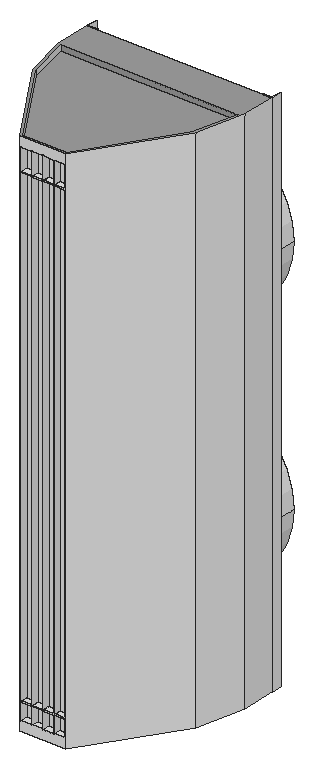
Revit family "Guard Pro 150W", category Wyposażenie mechaniczne, Revit 2018
Family settings
  Wymiar okrągłego złącza = Użyj średnicy
  Klasyfikacja = Brak
  Typ części = Normalny
  Oparty na płaszczyźnie roboczej = Nie
  Zawsze pionowo = Tak
  Tnij formami wycięć po wczytaniu = Nie
  Współdzielony = Nie
  Punkt obliczania pomieszczeń = Nie
Parameters (values of type "Guard Pro 150W")
  температура теплоносителя питание [instance] = 90 °C
  температура теплоносителя возвращение [instance] = 70 °C
  материал = Powder lak coated Steel
  масса оборудования с водой = 46.00 kg
  максимальная температура среды = 90 °C
  двигатель потребление тока = 2.4 A
  Температура воздуха на выходе [instance] = 90 °C
  Температура воздуха на входе [instance] = 70 °C
  Скорость воздушного потока [instance] = 0.0 m/s
  Расход воды [instance] = 0.0 L/s
  Номинальная тепловая мощность [instance] = 33000 W
  Напряжение питания = 230 V
  Мощность электродвигателя = 500 W
  Масса оборудования = 44.00 kg
  Максимальный расход воздуха = 6500 m³/h
  Максимальное рабочее давление = 1.6 MPa
  Максимальная высота двери = 8 mm
  Количество рядов нагревателя = "2"
  Класс защиты = "IP54"
  Длина завесы = 1500 mm
  Диаметры патрубков = 19.1 mm
  Гидравлическое сопротивление [instance] = 0.0 Pa
  Opis = "Промышленная воздушно-тепловая завеса"
  Fan3 = no
  высота вентилятора 2 = 1088 mm
  высота вентилятора 1 = 412 mm
  Producent = "SONNIGER Polska Sp. z o.o. Sp. k."
  Model = "Guard Pro 150W"
  Autor = "www.archispace.pl"
Reference planes
  plane 1 "Środek (Przód/Tył)": y = 0
  plane 2: z = 0
  plane 3 "Środek (Lewa/Prawa)": x = 0
  plane 4 "wysokość": z = 1500
Forms (mm)
  Extrusion 1, solid, material "Powder lak coated Steel" <- "материал"
    sketch origin (0, 0, 0) x (1, 0, 0) y (0, 1, 0)
      loop
        line (-260, 0) -> (-260, -98) -> (-228.987, -228) -> (-64, -480) -> (64, -480) -> (228.987, -228) -> (260.988, -93.861) -> (260.988, 0) -> (-260, 0)
    from 0 to 1500
  Extrusion 2, void, detail levels fine
    sketch origin (-64, -480, 0) x (-1, 0, 0) y (0, 0, 1)
      loop
        line (-31.536, 1410.02) -> (-31.536, 75.02) -> (-1.411, 75.02) -> (-1.411, 1410.02) -> (-31.536, 1410.02)
      loop
        line (-33.036, 1410.02) -> (-63.161, 1410.02) -> (-63.161, 75.02) -> (-33.036, 75.02) -> (-33.036, 1410.02)
      loop
        line (-64.661, 75.02) -> (-64.661, 1410.02) -> (-94.786, 1410.02) -> (-94.786, 75.02) -> (-64.661, 75.02)
      loop
        line (-96.411, 1410.02) -> (-126.411, 1410.02) -> (-126.411, 75.02) -> (-96.411, 75.02) -> (-96.411, 1410.02)
      loop
        line (-96.411, 1411.52) -> (-96.411, 1474.42) -> (-126.411, 1474.42) -> (-126.411, 1411.52) -> (-96.411, 1411.52)
      loop
        line (-94.786, 1411.52) -> (-64.661, 1411.52) -> (-64.661, 1474.42) -> (-94.786, 1474.42) -> (-94.786, 1411.52)
      loop
        line (-63.161, 1411.52) -> (-33.036, 1411.52) -> (-33.036, 1474.42) -> (-63.161, 1474.42) -> (-63.161, 1411.52)
      loop
        line (-31.536, 1411.52) -> (-1.411, 1411.52) -> (-1.411, 1474.42) -> (-31.536, 1474.42) -> (-31.536, 1411.52)
      loop
        line (-1.411, 25.62) -> (-1.411, 73.52) -> (-31.536, 73.52) -> (-31.536, 25.62) -> (-1.411, 25.62)
      loop
        line (-33.036, 73.52) -> (-63.161, 73.52) -> (-63.161, 25.62) -> (-33.036, 25.62) -> (-33.036, 73.52)
      loop
        line (-64.661, 73.52) -> (-94.786, 73.52) -> (-94.786, 25.62) -> (-64.661, 25.62) -> (-64.661, 73.52)
      loop
        line (-96.286, 73.52) -> (-126.411, 73.52) -> (-126.411, 25.62) -> (-96.286, 25.62) -> (-96.286, 73.52)
    from 0 to 20
  Extrusion 3, solid, material "Powder lak coated Steel" <- "материал"
    sketch origin (-1359.541, 0, 0) x (1, 0, 0) y (0, 0, -1)
      loop
        circle (1360.528, -412) r 242
    from 0 to 98
  Extrusion 4, solid, material "Powder lak coated Steel" <- "материал"
    sketch origin (-1359.541, 0, 676) x (1, 0, 0) y (0, 0, -1)
      loop
        circle (1360.528, -412) r 242
    from 0 to 98
  Extrusion 5, solid, material "Powder lak coated Steel" <- "материал", detail levels coarse
    sketch origin (-1359.541, 98, 676) x (1, 0, 0) y (0, 0, -1)
      loop
        circle (1358.702, -412) r 40.77
    from 0 to 28.5
  Extrusion 6, solid, material "Powder lak coated Steel" <- "материал", detail levels coarse
    sketch origin (-1359.541, 98, 0) x (1, 0, 0) y (0, 0, -1)
      loop
        circle (1359.541, -412) r 41.364
    from 0 to 28.5
  Extrusion 7, solid
    sketch origin (-1359.541, 0, 0) x (1, 0, 0) y (0, 0, -1)
      loop
        circle (1570.528, -1455) r 9.55
      loop
        circle (1515.528, -1455) r 9.55
    from 0 to 37.4
  Extrusion 8, solid, material "Powder lak coated Steel" <- "материал", detail levels medium+fine
    sketch origin (0, 0, 0) x (1, 0, 0) y (0, 1, 0)
      loop
        line (-257.512, 2.502) -> (-257.512, 30) -> (-259.012, 30) -> (-259.012, 2.5)
        arc (-259.012, 2.5) -> (-258.28, 0.732) -> (-256.512, 0) r 2.5
        line (-256.512, 0) -> (-231.985, 0) -> (-231.985, 1.5) -> (-256.512, 1.5)
        arc (-256.512, 1.5) -> (-257.22, 1.795) -> (-257.512, 2.502) r 1
      loop
        line (259.488, 30) -> (259.488, 2.5)
        arc (259.488, 2.5) -> (259.195, 1.793) -> (258.488, 1.5) r 1
        line (258.488, 1.5) -> (233.988, 1.5) -> (233.988, 0) -> (258.488, 0)
        arc (258.488, 0) -> (260.255, 0.735) -> (260.988, 2.503) r 2.5
        line (260.988, 2.503) -> (260.988, 30) -> (259.488, 30)
    from 0 to 1500
  Extrusion 9, void, detail levels medium+fine
    sketch origin (0, 0, 0) x (1, 0, 0) y (0, 1, 0)
      loop
        line (60.875, -473.318) -> (221.487, -228) -> (250.687, -105.6) -> (-250.687, -105.6) -> (-221.487, -228) -> (-60.875, -473.318) -> (60.875, -473.318)
    from 1485.666 to 2433.194
  Extrusion 10, void, detail levels medium+fine
    sketch origin (0, 0, 0) x (1, 0, 0) y (0, 1, 0)
      loop
        line (-221.487, -228) -> (-60.875, -473.318) -> (60.875, -473.318) -> (221.487, -228) -> (250.687, -105.6) -> (-250.687, -105.6) -> (-221.487, -228)
    from -69.313 to 11.43
  Extrusion 11, solid, detail levels medium+fine
    sketch origin (-1359.541, 98, 676) x (1, 0, 0) y (0, 0, -1)
      loop
        line (1345.504, 225.295) -> (1372.553, 225.295)
        arc (1372.553, 225.295) -> (1388.02, 235.009) -> (1397.733, 250.475) r 41
        line (1397.733, 250.475) -> (1397.733, 277.525)
        arc (1397.733, 277.525) -> (1388.02, 292.991) -> (1372.553, 302.705) r 41
        line (1372.553, 302.705) -> (1345.504, 302.705)
        arc (1345.504, 302.705) -> (1330.037, 292.991) -> (1320.323, 277.525) r 41
        line (1320.323, 277.525) -> (1320.323, 250.475)
        arc (1320.323, 250.475) -> (1330.037, 235.009) -> (1345.504, 225.295) r 41
    from 0 to 28.5
  Extrusion 12, solid, detail levels medium+fine
    sketch origin (-1359.541, 98, 1352.306) x (1, 0, 0) y (0, 0, -1)
      loop
        line (1345.504, 225.601) -> (1372.553, 225.601)
        arc (1372.553, 225.601) -> (1388.02, 235.314) -> (1397.733, 250.781) r 41
        line (1397.733, 250.781) -> (1397.733, 277.83)
        arc (1397.733, 277.83) -> (1388.02, 293.297) -> (1372.553, 303.011) r 41
        line (1372.553, 303.011) -> (1345.504, 303.011)
        arc (1345.504, 303.011) -> (1330.037, 293.297) -> (1320.323, 277.83) r 41
        line (1320.323, 277.83) -> (1320.323, 250.781)
        arc (1320.323, 250.781) -> (1330.037, 235.314) -> (1345.504, 225.601) r 41
    from 0 to 28.5
Cuts and joins
  Extrusion 2, Extrusion 9, Extrusion 10 cuts Extrusion 1
Lines and regions (mm)
  Split face 1
    outline origin (228.987, -228, 1500) x (0, 0, -1) y (0.23205, 0.972704, 0)
      loop
        line (32.508, 13.225) -> (268.508, 13.225) -> (268.508, 75.225) -> (32.508, 75.225) -> (32.508, 13.225)
Dimensions and locks
  "Длина завесы": plane 4 "wysokość" to level
  "высота вентилятора 1": cut or joined group of Extrusion 1, Extrusion 2, Extrusion 9, Extrusion 10 to Extrusion 3 sketch curve
  "высота вентилятора 2": cut or joined group of Extrusion 1, Extrusion 2, Extrusion 9, Extrusion 10 to Extrusion 4 sketch curve
  "высота вентилятора 2": level to Extrusion 5 sketch curve
  "высота вентилятора 1": cut or joined group of Extrusion 1, Extrusion 2, Extrusion 9, Extrusion 10 to Extrusion 6 sketch curve
  locked: Extrusion 7 sketch curve to plane 4 "wysokość" at 45
  locked: cut or joined group of Extrusion 1, Extrusion 2, Extrusion 9, Extrusion 10 to Extrusion 7 sketch curve at 50
  locked: Extrusion 7 sketch curve to Extrusion 7 sketch curve at 55
  locked: cut or joined group of Extrusion 1, Extrusion 2, Extrusion 9, Extrusion 10 to plane 4 "wysokość" at 14.334
  "высота вентилятора 1": level to Extrusion 11 sketch curve
  "высота вентилятора 2": level to Extrusion 12 sketch curve
  locked: cut or joined group of Extrusion 1, Extrusion 2, Extrusion 9, Extrusion 10 to Split face 1 at 32.508
  aligned and locked: level to plane 2
  aligned and locked: plane 4 "wysokość" to Extrusion 1
  aligned and locked: Extrusion 6 to Extrusion 3
  aligned and locked: Extrusion 6 to Extrusion 5
  aligned and locked: plane 4 "wysokość" to Extrusion 8
  aligned and locked: Extrusion 11 to Extrusion 3
Automatic sketch dimensions
  plane 1 "Środek (Przód/Tył)" to Extrusion 1 sketch curve = 0 mm
  plane 1 "Środek (Przód/Tył)" to Extrusion 1 sketch curve = 98 mm
  Extrusion 1 sketch curve to plane 3 "Środek (Lewa/Prawa)" = 260 mm
  Extrusion 1 sketch curve to Extrusion 1 sketch curve = 31.013 mm
  Extrusion 1 sketch curve to plane 3 "Środek (Lewa/Prawa)" = 64 mm
  plane 3 "Środek (Lewa/Prawa)" to Extrusion 1 sketch curve = 64 mm
  plane 3 "Środek (Lewa/Prawa)" to Extrusion 1 sketch curve = 228.987 mm
  Extrusion 1 sketch curve to Extrusion 1 sketch curve = 32.001 mm
  Extrusion 1 sketch curve to Extrusion 1 sketch curve = 130 mm
  plane 1 "Środek (Przód/Tył)" to Extrusion 1 sketch curve = 228 mm
  Extrusion 1 sketch curve to Extrusion 1 sketch curve = 252 mm
  Extrusion 1 sketch curve to Extrusion 1 sketch curve = 93.861 mm
  Extrusion 1 to Extrusion 2 sketch curve = 1.589 mm  (x3)
  Extrusion 2 sketch curve to Extrusion 2 sketch curve = 30 mm
  Extrusion 2 sketch curve to Extrusion 2 sketch curve = 0 mm  (x13)
  Extrusion 2 sketch curve to Extrusion 2 sketch curve = 0.125 mm
  Extrusion 2 sketch curve to Extrusion 2 sketch curve = 1.625 mm  (x2)
  Extrusion 2 sketch curve to Extrusion 2 sketch curve = 1.5 mm  (x14)
  Extrusion 2 sketch curve to Extrusion 2 sketch curve = 30.125 mm  (x3)
  Extrusion 2 sketch curve to Extrusion 1 = 1.411 mm  (x3)
  Extrusion 2 sketch curve to Extrusion 1 = 25.62 mm  (x2)
  Extrusion 2 sketch curve to Extrusion 2 sketch curve = 47.9 mm
  Extrusion 2 sketch curve to Extrusion 1 = 89.98 mm  (x2)
  Extrusion 2 sketch curve to Extrusion 1 = 25.58 mm  (x3)
  Extrusion 1 to Extrusion 7 sketch curve = 45 mm
  plane 1 "Środek (Przód/Tył)" to Extrusion 8 sketch curve = 0 mm  (x2)
  Extrusion 8 sketch curve to plane 1 "Środek (Przód/Tył)" = 30 mm
  Extrusion 8 sketch curve to plane 3 "Środek (Lewa/Prawa)" = 259.012 mm
  Extrusion 8 sketch curve to Extrusion 8 sketch curve = 1.5 mm  (x3)
  Extrusion 8 sketch curve to Extrusion 8 sketch curve = 1 mm  (x3)
  Extrusion 8 sketch curve to Extrusion 8 sketch curve = 0 mm  (x10)
  Extrusion 8 sketch curve to plane 1 "Środek (Przód/Tył)" = 1.5 mm
  Extrusion 8 sketch curve to Extrusion 8 sketch curve = 24.528 mm
  plane 3 "Środek (Lewa/Prawa)" to Extrusion 8 sketch curve = 233.988 mm
  Extrusion 8 sketch curve to plane 1 "Środek (Przód/Tył)" = 2.503 mm
  Extrusion 8 sketch curve to Extrusion 8 sketch curve = 24.5 mm
  Extrusion 8 sketch curve to Extrusion 8 sketch curve = 0.003 mm
  Extrusion 8 sketch curve to Extrusion 8 sketch curve = 0.002 mm
  Extrusion 8 sketch curve to Extrusion 8 sketch curve = 27.5 mm
  plane 1 "Środek (Przód/Tył)" to Extrusion 9 sketch curve = 105.6 mm
  Extrusion 9 sketch curve to plane 3 "Środek (Lewa/Prawa)" = 250.687 mm
  Extrusion 9 sketch curve to Extrusion 9 sketch curve = 29.2 mm  (x2)
  Extrusion 9 sketch curve to plane 3 "Środek (Lewa/Prawa)" = 60.875 mm
  plane 3 "Środek (Lewa/Prawa)" to Extrusion 9 sketch curve = 60.875 mm
  plane 3 "Środek (Lewa/Prawa)" to Extrusion 9 sketch curve = 221.487 mm
  Extrusion 9 sketch curve to Extrusion 9 sketch curve = 122.4 mm  (x2)
  Extrusion 9 sketch curve to Extrusion 9 sketch curve = 245.318 mm
  plane 1 "Środek (Przód/Tył)" to Extrusion 10 sketch curve = 105.6 mm
  Extrusion 10 sketch curve to plane 3 "Środek (Lewa/Prawa)" = 250.687 mm
  Extrusion 10 sketch curve to Extrusion 10 sketch curve = 29.2 mm  (x2)
  Extrusion 10 sketch curve to plane 3 "Środek (Lewa/Prawa)" = 60.875 mm
  plane 3 "Środek (Lewa/Prawa)" to Extrusion 10 sketch curve = 60.875 mm
  plane 3 "Środek (Lewa/Prawa)" to Extrusion 10 sketch curve = 221.487 mm
  Extrusion 10 sketch curve to Extrusion 10 sketch curve = 122.4 mm  (x2)
  Extrusion 10 sketch curve to Extrusion 10 sketch curve = 245.318 mm
  Split face 1 sketch curve to cut or joined group of Extrusion 1, Extrusion 2, Extrusion 9, Extrusion 10 = 32.508 mm
  Split face 1 sketch curve to cut or joined group of Extrusion 1, Extrusion 2, Extrusion 9, Extrusion 10 = 62.679 mm
  Split face 1 sketch curve to Split face 1 sketch curve = 236 mm
  cut or joined group of Extrusion 1, Extrusion 2, Extrusion 9, Extrusion 10 to Split face 1 sketch curve = 13.225 mm
  Extrusion 3 sketch curve to Extrusion 1 = 260 mm
  Extrusion 4 sketch curve to Extrusion 1 = 260 mm
  Extrusion 11 sketch curve to Extrusion 11 sketch curve = 0 mm  (x6)
  Extrusion 11 sketch curve to plane 3 "Środek (Lewa/Prawa)" = 39.218 mm
  Extrusion 11 sketch curve to plane 3 "Środek (Lewa/Prawa)" = 14.037 mm  (x2)
  Extrusion 11 sketch curve to plane 3 "Środek (Lewa/Prawa)" = 0.512 mm
  plane 3 "Środek (Lewa/Prawa)" to Extrusion 11 sketch curve = 13.012 mm  (x2)
  Extrusion 11 sketch curve to Extrusion 11 sketch curve = 25.18 mm
  Extrusion 11 sketch curve to Extrusion 11 sketch curve = 13.525 mm
  Extrusion 11 sketch curve to Extrusion 11 sketch curve = 27.049 mm
  Extrusion 12 sketch curve to Extrusion 12 sketch curve = 0 mm  (x6)
  Extrusion 12 sketch curve to plane 3 "Środek (Lewa/Prawa)" = 39.218 mm
  Extrusion 12 sketch curve to plane 3 "Środek (Lewa/Prawa)" = 14.037 mm  (x2)
  Extrusion 12 sketch curve to plane 3 "Środek (Lewa/Prawa)" = 0.512 mm
  plane 3 "Środek (Lewa/Prawa)" to Extrusion 12 sketch curve = 13.012 mm  (x2)
  Extrusion 12 sketch curve to Extrusion 12 sketch curve = 25.18 mm
  Extrusion 12 sketch curve to Extrusion 12 sketch curve = 13.525 mm
  Extrusion 12 sketch curve to Extrusion 12 sketch curve = 27.049 mm
  radius of Extrusion 7 sketch curve = 9.55 mm  (x2)
  radius of Extrusion 3 sketch curve = 242 mm
  radius of Extrusion 4 sketch curve = 242 mm
  radius of Extrusion 5 sketch curve = 40.77 mm
  radius of Extrusion 6 sketch curve = 41.364 mm
Connectors
  electrical at (0.494, 0, 750), driven by "Напряжение питания"
    settings: on cut or joined group of Extrusion 1, Extrusion 2, Extrusion 9, Extrusion 10, index 1, voltage 230 V, apparent load 0.0 kVA, apparent load phase1 0.5 kVA, apparent load phase2 0.0 kVA, apparent load phase3 0.0 kVA, power factor 1, load classification "Moc", number of poles 1, system type 31, power factor state 1, is connector primary yes, connector utility no, sub classification motor no, connector description ""
  piping at (210.988, 37.4, 1455), diameter 19.1, driven by "Диаметры патрубков"
    settings: on Extrusion 7, index 2, connector inside diameter 609.6 mm, connector length 0 mm, flow factor 0, pipe flow 0.0 L/s, pressure drop 0.0 Pa, fitting loss kfactor 0, connector angle 0.00°, fixture units 0, engagement length 0 mm, angle of deflection 0.00°, flow configuration 0, flow direction 1, fitting loss method 0, system type 7, joint type 0, gender type 0, connector reference index -1, connector utility 0, adjustable connector no, is connector primary yes, connector description ""
  piping at (155.988, 37.4, 1455), diameter 19.1, driven by "Диаметры патрубков"
    settings: on Extrusion 7, index 3, connector inside diameter 609.6 mm, connector length 0 mm, flow factor 0, pipe flow 0.0 L/s, pressure drop 0.0 Pa, fitting loss kfactor 0, connector angle 0.00°, fixture units 0, engagement length 0 mm, angle of deflection 0.00°, flow configuration 0, flow direction 2, fitting loss method 0, system type 8, joint type 0, gender type 0, connector reference index -1, connector utility 0, adjustable connector no, is connector primary no, connector description ""
